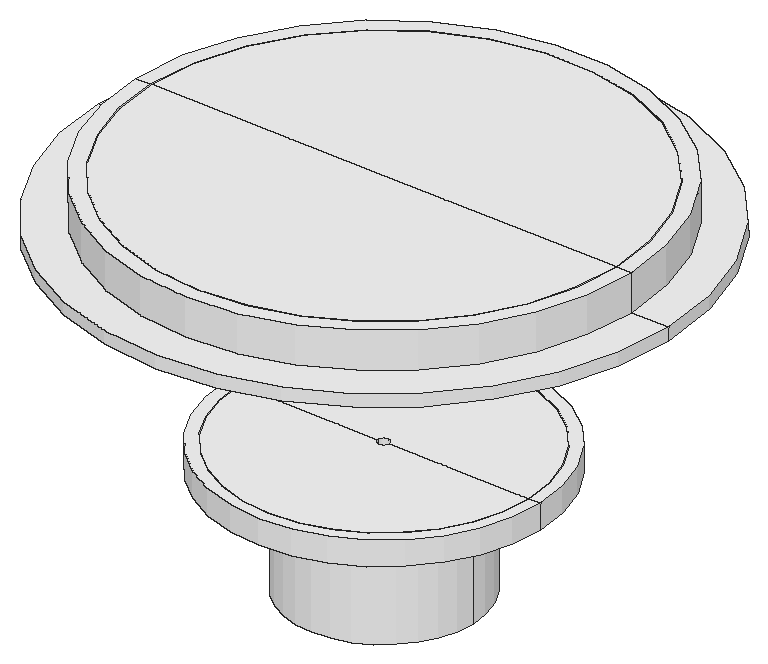
Revit family "Plumbing Fixture-FloorDrain_Mifab_C1450", category Plumbing Fixtures, host Face, Revit 2013
Parameters (values of type "3"")
  WFU = 0
  URL = "WWW.MIFAB.COM"
  Top Assembly Height = 4.000"
  Strainer Radius = Stainer Diameter / 2  # 4.150"
  Stainer Diameter = 8.300"
  Pipe Radius = Pipe Diameter / 2  # 1.500"
  Pipe Diameter = 3.000"
  Model = "C1450"
  Manufacturer = "MIFAB"
  HEIGHT 1 = 5.400"
  Floor Drain Material = Paint - Sherwin Williams Paint - #952C2A - Bellwood Red
  Description = "LINE CLEANOUT"
  Default Elevation = 0.000"
  Body Height = 2.200"
Types (4): name | Pipe Radius | Pipe Diameter | HEIGHT 1
  (no name) | 1.500" | 3.000" | 5.400"
  3" | 1.500" | 3.000" | 5.400"
  2" | 1.000" | 2.000" | 5.282"
  4" | 2.000" | 4.000" | 5.282"
Reference planes (in)
  plane 1 "Center (Front/Back)": y = 0
  plane 2: z = 0
  plane 3 "Center (Left/Right)": x = 0
  plane 4: x = -4.15
  plane 5: x = 4.15
  plane 6: z = -6.2
  plane 7: x = -1.5
  plane 8: x = 1.5
  plane 9: z = -4
  plane 10: y = 3.5
  plane 11: y = -3.5
  plane 12: z = -0.8
Forms (in)
  Revolve 1, solid, material "Paint - Sherwin Williams Paint - #952C2A - Bellwood Red" <- "Floor Drain Material"
    sketch origin (0, 0, 0) x (1, 0, 0) y (0, 0, 1)
      loop
        line (1.5, -4.91328) -> (2.625, -4.4) -> (2.625, -4) -> (2.425, -4) -> (2.425, -4.25546) -> (1.9, -4.25546) -> (1.9, -4.45) -> (1.3, -4.9) -> (1.3, -6.2) -> (1.5, -6.2) -> (1.5, -4.91328)
      axis (0, -6.2) -> (0, -4)
    angle from 0 to 360
  Revolve 2, solid, material "Paint - Sherwin Williams Paint - #952C2A - Bellwood Red" <- "Floor Drain Material"
    sketch origin (0, 0, 0) x (1, 0, 0) y (0, 0, 1)
      loop
        line (-2.425, -4) -> (-2.425, -4.25) -> (-1.9, -4.25) -> (-1.9, -4.4) -> (-0.095, -4.4) -> (-0.095, -4) -> (-2.425, -4)
      axis (0, -4) -> (0, -4.4)
    angle from 0 to 360
  Revolve 3, solid, material "Paint - Sherwin Williams Paint - #952C2A - Bellwood Red" <- "Floor Drain Material"
    sketch origin (0, 0, 0) x (1, 0, 0) y (0, 0, 1)
      loop
        line (3.47709, -0.3) -> (4, -0.3) -> (4, -0.8) -> (4.775, -0.8) -> (4.775, -0.6) -> (4.15, -0.6) -> (4.15, 0) -> (3.9, 0) -> (3.9, -0.125) -> (3.47709, -0.125) -> (3.47709, -0.3)
      axis (0, 0) -> (0, -0.8)
    angle from 0 to 360
  Revolve 4, solid, material "Paint - Sherwin Williams Paint - #952C2A - Bellwood Red" <- "Floor Drain Material"
    sketch origin (0, 0, 0) x (1, 0, 0) y (0, 0, 1)
      loop
        line (-3.9, 0) -> (-3.9, -0.125) -> (-3.47709, -0.125) -> (-3.47709, -0.3) -> (0, -0.3) -> (0, 0) -> (-3.9, 0)
      axis (0, 0) -> (0, -0.3)
    angle from 0 to 360
Lines and regions (in)
  symbolic lines
    curve 1: circle (0, 0, 0) r 4.15 normal (0, 0, 1)
Dimensions and locks (in)
  equal spacing: plane 5, plane 3 "Center (Left/Right)", plane 4
  "Stainer Diameter": plane 5 to plane 4
  "Body Height": plane 9 to plane 6
  equal spacing: plane 8, plane 3 "Center (Left/Right)", plane 7
  "Pipe Diameter": plane 8 to plane 7
  "Top Assembly Height": host face to plane 9
  equal spacing: plane 10, plane 1 "Center (Front/Back)", plane 11
  locked: Revolve 1 sketch curve to Revolve 1 sketch curve at 2.625
  locked: Revolve 1 sketch curve to Revolve 1 sketch curve at 0.2  (x2)
  locked: Revolve 1 sketch curve to Revolve 1 sketch curve at 0.0951
  locked: Revolve 1 sketch curve to Revolve 1 sketch curve at 0.4
  locked: Revolve 1 sketch curve to Revolve 1 sketch curve at 0.725
  locked: Revolve 1 to Revolve 1 at 0.25546
  locked: Revolve 2 sketch curve to Revolve 2 sketch curve at 2.33
  locked: Revolve 2 sketch curve to Revolve 2 sketch curve at 2.425
  locked: Revolve 2 sketch curve to Revolve 2 sketch curve at 1.9
  locked: Revolve 2 sketch curve to Revolve 2 sketch curve at 0.15
  locked: Revolve 3 sketch curve to Revolve 3 sketch curve at 4.775
  locked: Revolve 3 sketch curve to Revolve 3 sketch curve at 0.175
  locked: Revolve 3 sketch curve to Revolve 3 sketch curve at 0.42291
  locked: Revolve 3 sketch curve to Revolve 3 sketch curve at 0.25
  locked: Revolve 3 sketch curve to Revolve 3 sketch curve at 0.5
  locked: Revolve 3 sketch curve to Revolve 3 sketch curve at 0.775
  locked: Revolve 3 sketch curve to Revolve 3 sketch curve at 0.2
  locked: Revolve 3 sketch curve to Revolve 3 sketch curve at 0.6
  locked: Revolve 3 sketch curve to Revolve 3 sketch curve at 0.625
  "HEIGHT 1": plane 12 to plane 6
  locked: Revolve 3 to Revolve 3 at 0.125
  locked: Revolve 4 sketch curve to Revolve 4 sketch curve at 3.47709
  locked: Revolve 4 sketch curve to Revolve 4 sketch curve at 3.9
  locked: Revolve 4 sketch curve to Revolve 4 sketch curve at 0.175
  "Strainer Radius": radius of curve 1
  aligned and locked: plane 2 to host face
  aligned and locked: level to host face
  aligned and locked: plane 1 "Center (Front/Back)" to curve 1
  aligned and locked: plane 3 "Center (Left/Right)" to curve 1
  aligned and locked: Revolve 1 sketch curve to plane 6
  aligned and locked: plane 9 to Revolve 1 sketch curve
  aligned and locked: plane 3 "Center (Left/Right)" to Revolve 1 sketch curve
  aligned and locked: Revolve 2 sketch curve to plane 3 "Center (Left/Right)"
  aligned and locked: Revolve 1 to Revolve 2 sketch curve
  aligned and locked: Revolve 3 sketch curve to plane 3 "Center (Left/Right)"
  aligned and locked: plane 12 to Revolve 3  (x2)
  aligned and locked: plane 4 to Revolve 3
  aligned and locked: plane 5 to Revolve 3
  aligned and locked: Revolve 4 sketch curve to plane 3 "Center (Left/Right)"
Automatic sketch dimensions
  host sketch curve to host sketch curve = 96.000"  (x2)
  plane 8 to Revolve 1 sketch curve = 0.200"
  Revolve 1 sketch curve to plane 9 = 0.900"
  Revolve 1 sketch curve to plane 9 = 0.450"
  Revolve 1 sketch curve to Revolve 1 sketch curve = 0.19454"
  Revolve 1 sketch curve to plane 6 = 0.3875"
  Revolve 1 sketch curve to level = 0.91879"
  Revolve 2 sketch curve to plane 9 = 0.000"
  Revolve 2 sketch curve to Revolve 2 sketch curve = 0.36328"
  plane 9 to Revolve 2 sketch curve = 0.89097"
  plane 9 to Revolve 3 sketch curve = 1.21409"
  level to Revolve 3 sketch curve = 4.71409"
  Revolve 3 sketch curve to level = 0.800"
  Revolve 4 sketch curve to plane 3 "Center (Left/Right)" = 0.000"
  Revolve 4 sketch curve to level = 0.125"
  Revolve 4 sketch curve to level = 0.000"
  Revolve 4 sketch curve to plane 12 = 0.1061"
  level to Revolve 4 sketch curve = 0.882"
  plane 1 "Center (Front/Back)" to curve 1 = 0.000"
  curve 1 to plane 3 "Center (Left/Right)" = 0.000"
Connectors (in)
  piping at (0, 0, -6.2), driven by "Pipe Radius"
    settings: on Revolve 1, index 1, connector radius 1 1/2", flow factor 0, pipe flow 0 GPM, pressure drop 0.00 psi, fitting loss kfactor 0, connector angle 0.00°, fixture units 0, engagement length 0.000", flow configuration 0, flow direction 0, fitting loss method 0, system type 7, joint type 0, gender type 0, connector reference index -1, connector utility 0, adjustable connector no, is connector primary yes, fitting loss table "", connector description ""
